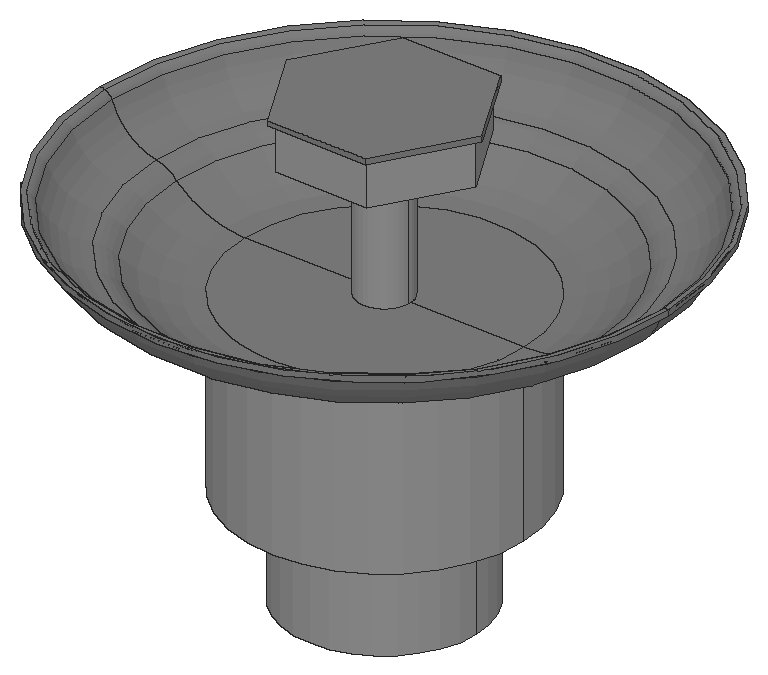
Revit family "Washfountain-Willoughby-WAF-5406-FLR", category Plumbing Fixtures, Revit 2015
Parameters (values of type "Standard")
  Waste DIA = 2"
  Waste Connection = yes
  Vent Connection = no
  URL = "https://www.willoughby-ind.com/wp-content/uploads/2018/01/WAF-5408.pdf"
  Solid Surface Sink = Solid Surface Acrylic Resin-Willoughby
  Revision = "A"
  Model = "WAF-5406-FLR"
  Manufacturer = "Willoughby Industries"
  HW Connection = no
  Fixture Body = Stainless Steel AISI 304-Willoughby
  Description = "6 station Washfountain, Floor Mounted"
  Default Elevation = 0' - 0"
  Contact = "(800) 428-4065"
  CW Connection = no
Reference planes (in)
  plane 1 "Center (Front/Back)": y = 0
  plane 2: z = 0
  plane 3 "Center (Left/Right)": x = 0
  plane 4: through (-5.65685, 5.65685, 48) normal (-0.7071, 0.7071, 0)
  plane 5: through (-5.65685, -5.65685, 48) normal (-0.7071, -0.7071, 0)
  plane 6: through (5.65685, 5.65685, 48) normal (-0.7071, -0.7071, 0)
  plane 7: z = 3
Forms (in)
  Extrusion 1, solid, material "Stainless Steel AISI 304-Willoughby" <- "Fixture Body"
    sketch origin (0, 0, 0) x (1, 0, 0) y (0, 1, 0)
      loop
        circle (0, 0) r 8.75
    from 0 to 9.5
  Extrusion 2, solid, material "Stainless Steel AISI 304-Willoughby" <- "Fixture Body"
    sketch origin (0, 0, 0) x (1, 0, 0) y (0, 1, 0)
      loop
        circle (0, 0) r 13.25
    from 9.5 to 25.5
  Revolve 3, solid, material "Solid Surface Acrylic Resin-Willoughby"
    sketch origin (0, 0, 0) x (1, 0, 0) y (0, 0, 1)
      loop
        line (-27, 34) -> (-27, 33.5)
        arc (-27, 33.5) -> (-26.59255, 33.38135) -> (-26.3125, 33.0625) r 0.75893
        arc (-26.3125, 33.0625) -> (-24.55666, 30.50638) -> (-21.75, 29.1875) r 5.92434
        arc (-21.75, 29.1875) -> (-20.85491, 28.8619) -> (-20.125, 28.25) r 2.7446
        arc (-20.125, 28.25) -> (-16.94474, 26.23191) -> (-13.25, 25.5) r 10.2412
        line (-13.25, 25.5) -> (0, 25.5) -> (0, 26) -> (-13.27825, 26)
        arc (-13.27825, 26) -> (-16.75659, 26.66651) -> (-19.74217, 28.57162) r 9.40952
        arc (-19.74217, 28.57162) -> (-20.60505, 29.295) -> (-21.6632, 29.67991) r 3.2446
        arc (-21.6632, 29.67991) -> (-24.24112, 30.8944) -> (-25.84767, 33.24806) r 5.42434
        arc (-25.84767, 33.24806) -> (-26.1125, 33.63396) -> (-26.5, 33.89645) r 1.25893
        arc (-26.5, 33.89645) -> (-26.7447, 33.97384) -> (-27, 34) r 1.25893
      axis (0, 34) -> (0, 25.5)
    angle from 0 to 360
  Revolve 4, solid, material "Stainless Steel AISI 304-Willoughby" <- "Fixture Body"
    sketch origin (0, -0.05184, 0) x (1, 0, 0) y (0, 0, 1)
      loop
        line (0, 25.5) -> (2.40625, 25.5) -> (2.40625, 38) -> (0, 38) -> (0, 25.5)
      axis (0, 38) -> (0, 25.5)
    angle from 0 to 360
  Extrusion 5, solid, material "Stainless Steel AISI 304-Willoughby" <- "Fixture Body"
    sketch origin (0, 0, 42) x (1, 0, 0) y (0, 1, 0)
      loop
        line (-4.33013, 7.5) -> (-8.66025, 0) -> (-4.33013, -7.5) -> (4.33013, -7.5) -> (8.66025, 0) -> (4.33013, 7.5) -> (-4.33013, 7.5)
    from 0 to -4
  Extrusion 6, solid, material "Solid Surface Acrylic Resin-Willoughby" <- "Solid Surface Sink"
    sketch origin (0, 0, 42) x (1, 0, 0) y (0, 1, 0)
      loop
        line (-9.2376, 0) -> (-4.6188, -8) -> (4.6188, -8) -> (9.2376, 0) -> (4.6188, 8) -> (-4.6188, 8) -> (-9.2376, 0)
    from 0 to 0.5
  Revolve 7, solid
    sketch origin (0, 0, 0) x (1, 0, 0) y (0, 0, 1)
      loop
        line (-4, 3) -> (-4, 6) -> (-5, 6) -> (-5, 3) -> (-4, 3)
      axis (-4, 6) -> (-4, 3)
    angle from 0 to 360
Lines and regions (in)
  symbolic lines
    curve 1: line (0, 13.36536, 25.59533) -> (0, -14.54375, 25.59533)
    curve 2: arc (0, 13.36536, 25.59533) -> (0, 17.06766, 26.30832) -> (0, 20.24036, 28.34533) r 9.96875
    curve 3: arc (0, 20.24036, 28.34533) -> (0, 21.14452, 29.04883) -> (0, 22.24512, 29.36681) r 3.03325
    curve 4: arc (0, 22.24512, 29.36681) -> (0, 24.81503, 30.73433) -> (0, 26.42786, 33.15783) r 5.94635
    curve 5: arc (0, 26.42786, 33.15783) -> (0, 26.70804, 33.47646) -> (0, 27.11536, 33.59533) r 0.76031
    curve 6: line (0, 27.11536, 33.59533) -> (0, 27.11536, 34)
    curve 7: line (0, 27.11536, 34) -> (0, -27, 34)
    curve 8: line (0, -27, 34) -> (0, -27, 33.5)
    curve 9: arc (0, -27, 33.5) -> (0, -26.5901, 33.3852) -> (0, -26.3125, 33.0625) r 0.73529
    curve 10: arc (0, -26.3125, 33.0625) -> (0, -24.52807, 30.48428) -> (0, -21.67915, 29.17466) r 5.9367
    curve 11: arc (0, -21.67915, 29.17466) -> (0, -20.82465, 28.84247) -> (0, -20.125, 28.25) r 2.77537
    curve 12: arc (0, -20.125, 28.25) -> (0, -17.53971, 26.49097) -> (0, -14.54375, 25.59533) r 10.22709
    curve 13: circle (0, 0, 0) r 27 normal (0, 0, 1)
    curve 17: line (-2.40625, -0.0172, 38) -> (-2.40625, -0.0172, 34)
    curve 18: line (-8.66687, 0.03464, 38.01202) -> (8.658, 0.03464, 38.01202)
    curve 19: line (8.66025, 0.15287, 42.01031) -> (-8.66025, 0.15287, 42.01031)
    curve 29: line (0, -7.5, 42) -> (0, -7.5, 38)
    curve 30: line (0, -7.5, 38) -> (0, 7.5, 38)
    curve 31: line (0, 7.5, 38) -> (0, 7.5, 42)
    curve 32: line (0, 7.5, 42) -> (0, -7.5, 42)
    curve 34: line (0, 2.36201, 38) -> (0, 2.36201, 34)
    curve 35: line (0, -2.45682, 38) -> (0, -2.45682, 34)
    curve 36: line (0, 27.11536, 33.59533) -> (0, 27.11536, 34)
    curve 37: line (0, 27.11536, 34) -> (0, -27, 34)
    curve 38: line (0, -27, 34) -> (0, -27, 33.5)
    curve 39: arc (0, -27, 33.5) -> (0, -26.5901, 33.3852) -> (0, -26.3125, 33.0625) r 0.73529
    curve 40: arc (0, -26.3125, 33.0625) -> (0, -24.52807, 30.48428) -> (0, -21.67915, 29.17466) r 5.9367
    curve 41: arc (0, -21.67915, 29.17466) -> (0, -20.81482, 28.85899) -> (0, -20.125, 28.25) r 2.48085
    curve 42: arc (0, -20.125, 28.25) -> (0, -17.53971, 26.49097) -> (0, -14.54375, 25.59533) r 10.22709
    curve 43: arc (0, -14.54375, 25.59533) -> (0, -13.89839, 25.52713) -> (0, -13.25, 25.5) r 10.22709
    curve 44: arc (0, -13.25, 25.5) -> (0, 0, 25.43319) -> (0, 13.25, 25.5) r 1313.9922
    curve 45: arc (0, 13.25, 25.5) -> (0, 16.94512, 26.23096) -> (0, 20.125, 28.25) r 10.22709
    curve 46: arc (0, 20.125, 28.25) -> (0, 21.0752, 29.01697) -> (0, 22.24512, 29.36681) r 3.1627
    curve 47: arc (0, 22.24512, 29.36681) -> (0, 24.81503, 30.73433) -> (0, 26.42786, 33.15783) r 5.94635
    curve 48: arc (0, 26.42786, 33.15783) -> (0, 26.69617, 33.49512) -> (0, 27.11536, 33.59533) r 0.66101
    curve 49: line (0, 27.11536, 33.59533) -> (0, 27.11536, 34)
    curve 50: line (0, 13.25, 25.5) -> (0, 13.25, 9.5)
    curve 51: line (0, 13.25, 9.5) -> (0, -13.25, 9.5)
    curve 52: line (0, -13.25, 9.5) -> (0, -13.25, 25.5)
    curve 53: line (0, -8.75, 0) -> (0, -8.75, 9.5)
    curve 54: line (0, 8.75, 0) -> (0, -8.75, 0)
    curve 55: line (0, 8.75, 0) -> (0, 8.75, 9.5)
    curve 61: line (9.2376, 0, 42.01031) -> (9.2376, 0, 42.5)
    curve 62: line (9.2376, 0, 42.5) -> (-9.2376, 0, 42.5)
    curve 63: line (-9.2376, 0, 42.5) -> (-9.2376, 0, 42.01031)
    curve 64: line (-9.2376, 0, 42.01031) -> (-8.66025, 0, 42.01031)
    curve 65: line (-8.66025, 0, 42.01031) -> (-8.66025, 0, 38)
    curve 66: line (-8.66025, 0, 38) -> (8.66025, 0, 38)
    curve 67: line (8.66025, 0, 38) -> (8.66025, 0, 42.01031)
    curve 68: line (-2.40625, 0, 38) -> (-2.40625, 0, 34)
    curve 69: line (2.40625, 0, 38) -> (2.40625, 0, 34)
    curve 70: line (27, 0, 33.5) -> (27, 0, 34)
    curve 71: line (27, 0, 34) -> (-27, 0, 34)
    curve 72: line (-27, 0, 34) -> (-27, 0, 33.5)
    curve 73: arc (-27, 0, 33.5) -> (-26.59375, 0, 33.37947) -> (-26.3125, 0, 33.0625) r 0.77123
    curve 74: arc (-26.3125, 0, 33.0625) -> (-24.52802, 0, 30.48002) -> (-21.6749, 0, 29.17109) r 5.92691
    curve 75: arc (-21.6749, 0, 29.17109) -> (-20.81279, 0, 28.85722) -> (-20.125, 0, 28.25) r 2.46686
    curve 76: arc (-20.125, 0, 28.25) -> (-16.94618, 0, 26.22831) -> (-13.25, 0, 25.5) r 10.18813
    curve 77: line (-13.25, 0, 25.5) -> (13.25, 0, 25.5)
    curve 78: arc (13.25, 0, 25.5) -> (16.9523, 0, 26.213) -> (20.125, 0, 28.25) r 9.96875
    curve 79: arc (20.125, 0, 28.25) -> (21.00538, 0, 28.94208) -> (22.08276, 0, 29.24753) r 2.89005
    curve 80: arc (22.08276, 0, 29.24753) -> (24.68572, 0, 30.61385) -> (26.3125, 0, 33.0625) r 5.92943
    curve 81: arc (26.3125, 0, 33.0625) -> (26.59291, 0, 33.38078) -> (27, 0, 33.5) r 0.76258
    curve 85: line (13.25, 0, 25.5) -> (13.25, 0, 9.5)
    curve 86: line (13.25, 0, 9.5) -> (-13.25, 0, 9.5)
    curve 87: line (-13.25, 0, 9.5) -> (-13.25, 0, 25.5)
    curve 88: line (-8.75, 0, 9.5) -> (-8.75, 0, 0)
    curve 89: line (-8.75, 0, 0) -> (8.75, 0, 0)
    curve 90: line (8.75, 0, 0) -> (8.75, 0, 9.5)
    curve 91: line (4.33013, 0, 42) -> (4.33013, 0, 38)
    curve 92: line (-4.33013, 0, 42) -> (-4.33013, 0, 38)
  symbolic lines, detail levels medium+fine
    curve 14: circle (0, 0, 0) r 13.75 normal (0, 0, 1)
    curve 20: line (-8, 0.15287, 42.01031) -> (-9.2376, 0.15287, 42.01031)
    curve 21: line (-9.2376, 0.15287, 42.01031) -> (-9.2376, 0.15287, 42.51031)
    curve 22: line (-9.2376, 0.15287, 42.51031) -> (9.2376, 0.15287, 42.51031)
    curve 23: line (9.2376, 0.15287, 42.51031) -> (9.2376, 0.15287, 42.01031)
    curve 24: line (-4.6188, 0.15287, 42.51031) -> (-4.6188, 0.15287, 42.01031)
    curve 25: line (4.6188, 0.15287, 42.51031) -> (4.6188, 0.15287, 42.01031)
    curve 26: line (0, 8, 42) -> (0, 8, 42.5)
    curve 27: line (0, 8, 42.5) -> (0, -8, 42.5)
    curve 28: line (0, -8, 42.5) -> (0, -8, 42)
    curve 33: line (0, 7.5, 42) -> (0, 8, 42)
    curve 56: line (0, -8, 42) -> (0, -7.5, 42)
    curve 60: line (8.66025, 0, 42.01031) -> (9.2376, 0, 42.01031)
  symbolic lines, detail levels fine
    curve 15: circle (0, 0, 0) r 25.84767 normal (0, 0, 1)
    curve 16: circle (0, 0, 0) r 19.74217 normal (0, 0, 1)
    curve 57: line (0, 26.69617, 33.49512) -> (0, -27.05383, 33.49512)
    curve 58: line (0, -26.3125, 33.0625) -> (0, 26.4375, 33.0625)
    curve 59: line (0, 20.125, 28.25) -> (0, -20.125, 28.25)
    curve 82: line (26.8573, 0, 33.48609) -> (-26.8927, 0, 33.48609)
    curve 83: line (-26.3125, 0, 33.0625) -> (26.3125, 0, 33.0625)
    curve 84: line (20.125, 0, 28.25) -> (-20.125, 0, 28.25)
Dimensions and locks (in)
  plane 5 to plane 6 = 1' - 4"
  aligned and locked: Revolve 4 sketch curve to Revolve 4 sketch curve  (x2)
  aligned and locked: Revolve 7 sketch curve to Revolve 7 sketch curve  (x2)
Connectors (in)
  piping at (-4, 0, 3), diameter 2, driven by "Waste DIA", driven by "Waste Connection"
    settings: on Revolve 7, index 1, connector inside diameter 24", connector length 0' - 0", flow factor 0, pipe flow 0 GPM, pressure drop 0.00 psi, fitting loss kfactor 0, connector angle 0.00°, fixture units 0, engagement length 0' - 0", angle of deflection 0.00°, flow configuration 0, flow direction 2, fitting loss method 0, system type 16, joint type 0, gender type 0, connector reference index -1, connector utility 1, adjustable connector no, is connector primary yes, connector description "Sink Waste"
